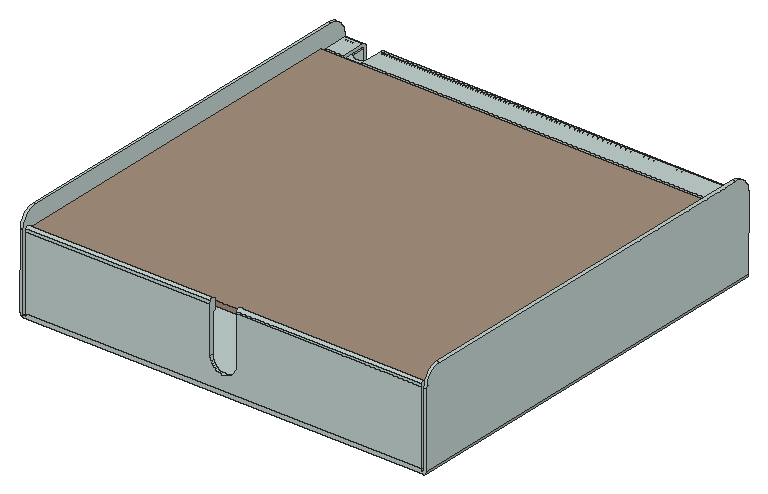
Revit family "Accessory-Teknion-EMPW_Power_Tray-R20161", category Furniture, Revit 2016
Family settings
  OmniClass Number = 23.40.20.00
  OmniClass Title = General Furniture and Specialties
  Work Plane-Based = Yes
  Always vertical = Yes
  Cut with Voids When Loaded = No
  Shared = Yes
  Room Calculation Point = No
Parameters (values of type "Emote Power Tray")
  Warranty = "http://www.teknion.com/ca/papers/legal-canada"
  Unit Weight URL = "http://www.teknion.com/ca/tools/assets#&asset=bee6a381-b954-425e-8283-5a2de3a804f2,f828d448-4b62-4231-9e5f-9a8991c0ed77"
  URL = "www.teknion.com"
  Tray Finish [instance] = Paint - Teknion - CP - Chroma Metal - Herbal
  To render, please download texture images found here [instance] = "https://assets.teknion.com/web/5e81352c1dfdb467/revit-material-swatches/"
  Sustainability Data = "https://www.teknion.com/ca/tools/assets#&topic=216f99a5-57a0-44fc-b10a-9dee9b29ae4c&asset=444deb64-fe58-4b68-981e-f75e97781df7,b4ff2d81-9f2e-437d-9659-7cffb09c31cf"
  Series = "Emote"
  Product Page URL = "https://www.teknion.com/ca/products/product-details?productLineId=df54fb6e-8e7a-673b-a6c8-ff05004460c4"
  Product Line = "Emote"
  Product Documentation Link = "https://assets.teknion.com/m/e60fdd6154307a7/original/Emote-Sell-Sheet.pdf"
  Part Number = "EMPW"
  Model = "EMPW"
  Manufacturer Phone = "416-661-3370"  # constant formula
  Manufacturer Fax = "416.661.4586"  # constant formula
  Manufacturer Contact Information = "http://www.teknion.com/ca/contactus"
  Manufacturer Address = "1150 Flint Road, Toronto, ON. M3J 2J5. Canada"  # constant formula
  Manufacturer = "Teknion"  # constant formula
  How To Use Teknion Materials User Guide [instance] = "https://assets.teknion.com/m/205dd0a49fa58060/original/How-to-add-a-Material-Library-and-Texture-Images-to-your-Revit-project.pdf"
  For Additional Finishes, please visit [instance] = "https://assets.teknion.com/m/44a8009b046e5d47/original/Teknion_Materials_Library.zip"
  Description = "Emote Power Tray"
  Default Elevation = 48.000"
  Assembly Code = "E2020200"
Reference planes (in)
  plane 1 "Center Front/Back": y = -0.4491
  plane 2: z = 0
  plane 3 "Center Left/Right": x = -0.683
  plane 4 "Left": x = -5.50015
  plane 5 "Right": x = 4.13335
  plane 6 "Back": y = 4.30748
  plane 7 "Front": y = -5.2009
  plane 8 "Top": z = 2.26525
Forms (in)
  Sweep 1, solid, material "Paint - Teknion - CP - Chroma Metal - Herbal" <- "Tray Finish"
    path origin (0, 0, 0) x (1, 0, 0) y (0, 1, 0)
      loop
        line (-5.45791, -5.2009) -> (-5.45791, 4.30748)
    profile origin (-5.45791, -0.44671, 0) x (-1, 0, 0) y (0, 0, 1)
      loop
        line (-9.52285, 2.26525) -> (-9.59126, 2.26525) -> (-9.59126, 0.12259)
        arc (-9.59126, 0.12259) -> (-9.56451, 0.058) -> (-9.49992, 0.03125) r 0.09134
        line (-9.49992, 0.03125) -> (-0.0499, 0.03125)
        arc (-0.0499, 0.03125) -> (0.01468, 0.058) -> (0.04143, 0.12259) r 0.09134
        line (0.04143, 0.12259) -> (0.04143, 2.26525) -> (-0.02698, 2.26525) -> (-0.02698, 0.09125) -> (-0.09786, 0.09125) -> (-0.09786, 0.1225) -> (-9.45982, 0.1225) -> (-9.45982, 0.09125) -> (-9.52285, 0.09125) -> (-9.52285, 2.26525)
  Sweep 2, void
    path origin (0, 0, 0) x (1, 0, 0) y (0, 1, 0)
      loop
        line (-5.4955, -0.4491) -> (4.1295, -0.4491)
    profile origin (-0.683, -0.4491, 0) x (0, 1, 0) y (0, 0, 1)
      loop
        line (4.75658, 2.26525) -> (4.37692, 2.26525)
        arc (4.37692, 2.26525) -> (4.64538, 2.15405) -> (4.75658, 1.88559) r 0.37966
        line (4.75658, 1.88559) -> (4.75658, 2.26525)
      loop
        line (-4.36548, 2.26525) -> (-4.75179, 2.26525) -> (-4.75179, 1.87894)
        arc (-4.75179, 1.87894) -> (-4.63864, 2.1521) -> (-4.36548, 2.26525) r 0.38631
  Sweep 3, solid, material "Paint - Teknion - CP - Chroma Metal - Herbal" <- "Tray Finish"
    path origin (0, 0, 0) x (1, 0, 0) y (0, 1, 0)
      loop
        line (-5.36006, -5.2009) -> (4.0019, -5.2009)
    profile origin (-0.67908, -5.2009, 0) x (0, 1, 0) y (0, 0, 1)
      loop
        line (0.06838, 1.68373) -> (0.13229, 1.68373) -> (0.13229, 1.89927)
        arc (0.13229, 1.89927) -> (0.07907, 1.96542) -> (0.00307, 1.92758) r 0.06771
        arc (0.00307, 1.92758) -> (0.00077, 1.90331) -> (0, 1.87894) r 0.38631
        line (0, 1.87894) -> (0, 0.1225) -> (0.06838, 0.1225) -> (0.06838, 1.68373)
  Sweep 4, void
    path origin (0, 0, 0) x (1, 0, 0) y (0, 1, 0)
      loop
        line (-0.683, -5.41728) -> (-0.683, -4.84236)
    profile origin (-0.683, -5.12982, 0) x (-1, 0, 0) y (0, 0, 1)
      loop
        line (0.31715, 0.77845) -> (0.31715, 1.96698) -> (-0.30785, 1.96698) -> (-0.30785, 0.77845)
        arc (-0.30785, 0.77845) -> (0.00465, 0.46595) -> (0.31715, 0.77845) r 0.3125
  Sweep 5, solid, material "Paint - Teknion - CP - Chroma Metal - Herbal" <- "Tray Finish"
    path origin (0, -0.4491, -32.63) x (1, 0, 0) y (0, 0, 1)
      loop
        line (-3.68094, 32.63) -> (-3.68094, 32.66125)
    profile origin (-3.68094, -0.4491, 0.01562) x (-1, 0, 0) y (0, -1, 0)
      loop
        arc (-0.58838, 2.6982) -> (-0.13603, 2.24463) -> (0.31713, 2.69739) r 0.45276
        line (0.31713, 2.69739) -> (0.31811, 3.79188)
        arc (0.31811, 3.79188) -> (-0.13424, 4.24463) -> (-0.5874, 3.79269) r 0.45276
        line (-0.5874, 3.79269) -> (-0.58838, 2.6982)
      loop
        arc (-6.30738, 2.6982) -> (-5.85503, 2.24463) -> (-5.40187, 2.69739) r 0.45276
        line (-5.40187, 2.69739) -> (-5.40089, 3.79188)
        arc (-5.40089, 3.79188) -> (-5.85324, 4.24463) -> (-6.3064, 3.79269) r 0.45276
        line (-6.3064, 3.79269) -> (-6.30738, 2.6982)
      loop
        arc (-6.31319, -3.79668) -> (-5.86084, -4.25025) -> (-5.40768, -3.79749) r 0.45276
        line (-5.40768, -3.79749) -> (-5.4067, -2.703)
        arc (-5.4067, -2.703) -> (-5.85905, -2.25025) -> (-6.31221, -2.70219) r 0.45276
        line (-6.31221, -2.70219) -> (-6.31319, -3.79668)
      loop
        arc (-0.59419, -3.8018) -> (-0.14184, -4.25536) -> (0.31132, -3.80261) r 0.45276
        line (0.31132, -3.80261) -> (0.3123, -2.70812)
        arc (0.3123, -2.70812) -> (-0.14005, -2.25536) -> (-0.59321, -2.70731) r 0.45276
        line (-0.59321, -2.70731) -> (-0.59419, -3.8018)
  Sweep 6, solid, material "Paint - Teknion - CP - Chroma Metal - Herbal" <- "Tray Finish"
    path origin (0, 0, 0) x (1, 0, 0) y (0, 1, 0)
      loop
        line (-5.40845, 1.17613) -> (4.04456, 1.17613)
    profile origin (-0.68195, 1.17613, 0) x (0, 1, 0) y (0, 0, 1)
      loop
        line (-0.00846, 0.22681) -> (-0.00846, 0.1685)
        arc (-0.00846, 0.1685) -> (0.01231, 0.12199) -> (0.05883, 0.10125) r 0.0712
        line (0.05883, 0.10125) -> (0.32468, 0.10125) -> (0.32468, 0.15125) -> (0.11303, 0.15125)
        arc (0.11303, 0.15125) -> (0.05865, 0.17286) -> (0.036, 0.22681) r 0.07557
        line (0.036, 0.22681) -> (0.036, 1.61525) -> (2.43775, 1.61525)
        arc (2.43775, 1.61525) -> (2.4853, 1.63495) -> (2.505, 1.6825) r 0.06725
        line (2.505, 1.6825) -> (2.505, 1.734)
        arc (2.505, 1.734) -> (2.5113, 1.75334) -> (2.52779, 1.76525) r 0.03282
        line (2.52779, 1.76525) -> (3.03394, 1.76525) -> (3.03394, 1.80125) -> (2.52779, 1.80125)
        arc (2.52779, 1.80125) -> (2.48024, 1.78155) -> (2.46054, 1.734) r 0.06725
        line (2.46054, 1.734) -> (2.46054, 1.65125) -> (0.05308, 1.65125)
        arc (0.05308, 1.65125) -> (0.01216, 1.6323) -> (-0.00846, 1.59219) r 0.06934
        line (-0.00846, 1.59219) -> (-0.00846, 0.22681)
  Sweep 7, solid, material "Paint - Teknion - CP - Chroma Metal - Herbal" <- "Tray Finish"
    path origin (0, 0, 0) x (1, 0, 0) y (0, 1, 0)
      loop
        line (3.9923, 2.64034) -> (-5.35357, 2.64034)
    profile origin (-0.68064, 2.64034, 0) x (0, -1, 0) y (0, 0, 1)
      loop
        line (-1.57588, 1.80525) -> (-1.02388, 1.80525) -> (-1.02388, 1.86525) -> (-1.57588, 1.86525)
        arc (-1.57588, 1.86525) -> (-1.64041, 1.83852) -> (-1.66713, 1.774) r 0.09125
        line (-1.66713, 1.774) -> (-1.66713, 0.09125) -> (-1.60713, 0.09125) -> (-1.60713, 1.774)
        arc (-1.60713, 1.774) -> (-1.59798, 1.7961) -> (-1.57588, 1.80525) r 0.03125
  Sweep 8, void
    path origin (-4.02551, -1.10981, 0) x (1, 0, 0) y (0, -1, 0)
      loop
        line (-0.683, -5.63873) -> (-0.683, -4.55666)
    profile origin (-4.70851, 3.98789, 0) x (1, 0, 0) y (0, 0, 1)
      loop
        line (0.21438, 1.86525) -> (-0.22062, 1.86525) -> (-0.22062, 0.63275)
        arc (-0.22062, 0.63275) -> (-0.00312, 0.41525) -> (0.21438, 0.63275) r 0.2175
        line (0.21438, 0.63275) -> (0.21438, 1.86525)
  Sweep 9, void
    path origin (0, -0.4491, -32.63) x (1, 0, 0) y (0, 0, 1)
      loop
        line (-4.92913, 34.49525) -> (-4.92913, 33.26275)
    profile origin (-4.92913, -0.4491, 1.249) x (0, -1, 0) y (1, 0, 0)
      loop
        arc (-4.39423, 0) -> (-4.23575, 0.2175) -> (-4.39423, 0.435) r 0.22849
        line (-4.39423, 0.435) -> (-4.75658, 0.435) -> (-4.75658, 0) -> (-4.39423, 0)
  Sweep 10, solid, material "Plastic - Teknion - E - Ebony"
    path origin (0, 0, 0) x (1, 0, 0) y (0, 1, 0)
      loop
        line (-2.2043, 1.02028) -> (-2.2043, 1.20926)
    profile origin (-2.2043, 1.11477, 0) x (-1, 0, 0) y (0, 0, 1)
      loop
        line (0.12358, 1.45637) -> (-0.8476, 1.45637)
        arc (-0.8476, 1.45637) -> (-0.87559, 1.44465) -> (-0.88716, 1.4166) r 0.03977
        line (-0.88716, 1.4166) -> (-0.88716, 0.44542)
        arc (-0.88716, 0.44542) -> (-0.87547, 0.41758) -> (-0.84763, 0.40605) r 0.03937
        line (-0.84763, 0.40605) -> (0.12365, 0.40605)
        arc (0.12365, 0.40605) -> (0.15032, 0.41646) -> (0.16289, 0.44218) r 0.03938
        line (0.16289, 0.44218) -> (0.16289, 1.41706)
        arc (0.16289, 1.41706) -> (0.15138, 1.44486) -> (0.12358, 1.45637) r 0.03931
      loop
        line (-0.4118, 1.20684) -> (-0.76062, 1.20684) -> (-0.76062, 1.13479) -> (-0.4118, 1.13479) -> (-0.4118, 1.20684)
      loop
        line (-0.45117, 0.72771) -> (-0.72125, 0.72771) -> (-0.72125, 0.65566) -> (-0.45117, 0.65566) -> (-0.45117, 0.72771)
      loop
        line (-0.11535, 0.82771) -> (-0.0118, 0.82771) -> (-0.0118, 1.03479) -> (-0.11535, 1.03479)
        arc (-0.11535, 1.03479) -> (-0.21889, 0.93125) -> (-0.11535, 0.82771) r 0.10354
      loop
        line (-1.37676, 1.45645) -> (-2.34795, 1.45645)
        arc (-2.34795, 1.45645) -> (-2.37594, 1.44473) -> (-2.38751, 1.41668) r 0.03977
        line (-2.38751, 1.41668) -> (-2.38751, 0.44549)
        arc (-2.38751, 0.44549) -> (-2.37582, 0.41765) -> (-2.34798, 0.40612) r 0.03937
        line (-2.34798, 0.40612) -> (-1.3767, 0.40612)
        arc (-1.3767, 0.40612) -> (-1.35003, 0.41653) -> (-1.33745, 0.44225) r 0.03938
        line (-1.33745, 0.44225) -> (-1.33745, 1.41714)
        arc (-1.33745, 1.41714) -> (-1.34897, 1.44493) -> (-1.37676, 1.45645) r 0.03931
      loop
        line (-1.91215, 1.20691) -> (-2.26097, 1.20691) -> (-2.26097, 1.13487) -> (-1.91215, 1.13487) -> (-1.91215, 1.20691)
      loop
        line (-1.95152, 0.72778) -> (-2.2216, 0.72778) -> (-2.2216, 0.65573) -> (-1.95152, 0.65573) -> (-1.95152, 0.72778)
      loop
        line (-1.61569, 0.82778) -> (-1.51215, 0.82778) -> (-1.51215, 1.03487) -> (-1.61569, 1.03487)
        arc (-1.61569, 1.03487) -> (-1.71924, 0.93132) -> (-1.61569, 0.82778) r 0.10354
      loop
        line (-2.82925, 1.46471) -> (-3.89659, 1.46471) -> (-3.89659, 0.39779) -> (-2.82925, 0.39779) -> (-2.82925, 1.46471)
      loop
        line (-3.10389, 0.66255) -> (-3.10389, 0.88499) -> (-3.62161, 0.88499) -> (-3.62161, 0.66255) -> (-3.10389, 0.66255)
      loop
        arc (-3.22693, 1.04739) -> (-3.19352, 1.06123) -> (-3.17968, 1.09464) r 0.04724
        line (-3.17968, 1.09464) -> (-3.17968, 1.13794)
        arc (-3.17968, 1.13794) -> (-3.19352, 1.17135) -> (-3.22693, 1.18519) r 0.04724
        line (-3.22693, 1.18519) -> (-3.49858, 1.18519)
        arc (-3.49858, 1.18519) -> (-3.53199, 1.17135) -> (-3.54582, 1.13794) r 0.04724
        line (-3.54582, 1.13794) -> (-3.54582, 1.09459)
        arc (-3.54582, 1.09459) -> (-3.532, 1.06122) -> (-3.49862, 1.04739) r 0.0472
        line (-3.49862, 1.04739) -> (-3.22693, 1.04739)
  Sweep 11, solid, material "Wood - Teknion - Cork"
    path origin (0, -0.4491, -32.63) x (1, 0, 0) y (0, 0, 1)
      loop
        line (-5.38571, 34.50436) -> (-5.38571, 34.38625)
    profile origin (-5.38571, -0.4491, 1.81531) x (0, -1, 0) y (1, 0, 0)
      loop
        line (4.58818, -0.0161) -> (4.58818, 9.42791) -> (-4.0318, 9.42791) -> (-4.0318, -0.0161) -> (4.58818, -0.0161)
Cuts and joins
  Sweep 2 cuts Sweep 1
  Sweep 4 cuts Sweep 3
  Sweep 8 cuts Sweep 7
  Sweep 9 cuts Sweep 6
Lines and regions (in)
  Masking region 1
    outline origin (0, 0, 0) x (1, 0, 0) y (0, 1, 0)
      loop
        line (-5.50015, 4.30269) -> (-5.50015, -5.2009) -> (4.13335, -5.2009) -> (4.13335, 4.30269) -> (-5.50015, 4.30269)
  Masking region 2
    outline origin (0, 0, 0) x (1, 0, 0) y (0, 1, 0)
      loop
        line (-5.50015, 4.30748) -> (-5.50015, -5.2009) -> (4.13335, -5.2009) -> (4.13335, 4.30748) -> (-5.50015, 4.30748)
  symbolic lines
    curve 1: line (-5.43094, -5.2009, 0) -> (-5.43094, 4.30748, 0)
    curve 2: line (-5.40845, 1.16767, 0) -> (-5.40845, 4.21007, 0)
    curve 3: line (-5.35357, 4.30748, 0) -> (-5.35357, 3.66423, 0)
    curve 4: line (-5.35357, 3.66423, 0) -> (-4.92913, 3.66423, 0)
    curve 5: line (-4.92913, 4.30748, 0) -> (-4.92913, 3.66423, 0)
    curve 6: line (-4.49413, 3.66423, 0) -> (-4.49413, 4.30748, 0)
    curve 7: arc (-4.92913, 3.94513, 0) -> (-4.71163, 3.78665, 0) -> (-4.49413, 3.94513, 0) r 0.22849
    curve 8: line (-4.49413, 3.66423, 0) -> (3.9923, 3.66423, 0)
    curve 9: line (-5.36006, 4.30748, 0) -> (-5.36006, 4.21007, 0)
    curve 10: line (3.9923, 4.30748, 0) -> (3.9923, 3.66423, 0)
    curve 11: line (4.04456, 1.16767, 0) -> (4.04456, 4.21007, 0)
    curve 12: line (4.04456, 4.21007, 0) -> (3.9923, 4.21007, 0)
    curve 13: line (4.0019, 4.21007, 0) -> (4.0019, 4.30748, 0)
    curve 14: line (4.06494, 4.30748, 0) -> (4.06494, -5.2009, 0)
    curve 15: line (4.0019, -5.2009, 0) -> (4.0019, -5.0686, 0)
    curve 16: line (-0.37515, -5.2009, 0) -> (-0.37515, -5.0686, 0)
    curve 17: line (-1.00015, -5.0686, 0) -> (-1.00015, -5.2009, 0)
    curve 18: line (-5.36006, -5.03729, 0) -> (-5.36006, -5.2009, 0)
    curve 19: line (-5.36006, -5.0686, 0) -> (-1.00015, -5.0686, 0)
    curve 20: line (-0.37515, -5.0686, 0) -> (4.0019, -5.0686, 0)
    curve 21: line (-5.4018, 3.5827, 0) -> (4.0422, 3.5827, 0)
    curve 22: line (-5.4018, -5.03729, 0) -> (-5.4018, 3.5827, 0)
    curve 23: line (4.0422, -5.03729, 0) -> (-5.4018, -5.03729, 0)
    curve 24: line (4.0422, 3.5827, 0) -> (4.0422, -5.03729, 0)
    curve 25: line (-1.00015, -5.13475, 0) -> (-0.37515, -5.13475, 0)
    curve 26: line (-4.92913, 4.24748, 0) -> (-4.49413, 4.24748, 0)
    curve 27: line (4.04456, 3.63667, 0) -> (-5.40845, 3.63667, 0)
  symbolic lines, style "FurnitureHiddenLines", detail levels medium+fine
    curve 28: line (-3.09354, -4.24179, 0) -> (-3.09256, -3.1473, 0)
    curve 29: arc (-3.09256, -3.1473, 0) -> (-3.54491, -2.69374, 0) -> (-3.99807, -3.14649, 0) r 0.45276
    curve 30: line (-3.99807, -3.14649, 0) -> (-3.99905, -4.24098, 0)
    curve 31: arc (-3.99905, -4.24098, 0) -> (-3.5467, -4.69374, 0) -> (-3.09354, -4.24179, 0) r 0.45276
    curve 32: line (2.62546, -4.24179, 0) -> (2.62644, -3.1473, 0)
    curve 33: arc (2.62644, -3.1473, 0) -> (2.17409, -2.69374, 0) -> (1.72093, -3.14649, 0) r 0.45276
    curve 34: line (1.72093, -3.14649, 0) -> (1.71995, -4.24098, 0)
    curve 35: arc (1.71995, -4.24098, 0) -> (2.1723, -4.69374, 0) -> (2.62546, -4.24179, 0) r 0.45276
    curve 36: line (2.63127, 2.25309, 0) -> (2.63225, 3.34758, 0)
    curve 37: arc (2.63225, 3.34758, 0) -> (2.1799, 3.80114, 0) -> (1.72674, 3.34839, 0) r 0.45276
    curve 38: line (1.72674, 3.34839, 0) -> (1.72576, 2.2539, 0)
    curve 39: arc (1.72576, 2.2539, 0) -> (2.17811, 1.80114, 0) -> (2.63127, 2.25309, 0) r 0.45276
    curve 40: line (-3.08772, 2.25821, 0) -> (-3.08674, 3.35269, 0)
    curve 41: arc (-3.08674, 3.35269, 0) -> (-3.53909, 3.80626, 0) -> (-3.99226, 3.3535, 0) r 0.45276
    curve 42: line (-3.99226, 3.3535, 0) -> (-3.99323, 2.25902, 0)
    curve 43: arc (-3.99323, 2.25902, 0) -> (-3.54088, 1.80626, 0) -> (-3.08772, 2.25821, 0) r 0.45276
    curve 44: line (-5.40845, 1.16767, 0) -> (4.04456, 1.16767, 0)
    curve 45: line (4.0422, 3.5827, 0) -> (-5.4018, 3.5827, 0)
  symbolic lines, style "FurnitureHiddenLines", detail levels fine
    curve 46: line (-2.36719, 1.02028, 0) -> (-1.31714, 1.02028, 0)
    curve 47: line (-2.36719, 1.20926, 0) -> (-2.36719, 1.02028, 0)
    curve 48: line (-1.31714, 1.20926, 0) -> (-2.36719, 1.20926, 0)
    curve 49: line (-1.31714, 1.02028, 0) -> (-1.31714, 1.20926, 0)
    curve 50: line (-0.86685, 1.02028, 0) -> (0.18321, 1.02028, 0)
    curve 51: line (-0.86685, 1.20926, 0) -> (-0.86685, 1.02028, 0)
    curve 52: line (0.18321, 1.20926, 0) -> (-0.86685, 1.20926, 0)
    curve 53: line (0.18321, 1.02028, 0) -> (0.18321, 1.20926, 0)
    curve 54: line (0.62495, 1.02028, 0) -> (1.69229, 1.02028, 0)
    curve 55: line (0.62495, 1.20926, 0) -> (0.62495, 1.02028, 0)
    curve 56: line (1.69229, 1.20926, 0) -> (0.62495, 1.20926, 0)
    curve 57: line (1.69229, 1.02028, 0) -> (1.69229, 1.20926, 0)
    curve 58: line (4.04456, 1.28916, 0) -> (-5.40845, 1.28916, 0)
    curve 59: line (4.04456, 1.21213, 0) -> (-5.40845, 1.21213, 0)
    curve 60: line (4.13335, -0.4491, 2.26525) -> (6.50607, -0.4491, 2.26525)
Dimensions and locks (in)
  plane 4 "Left" to plane 5 "Right" = 9.6335"
  plane 6 "Back" to plane 7 "Front" = 9.50837"
  plane 8 "Top" to level = 2.26525"
  plane 7 "Front" to plane 1 "Center Front/Back" to plane 6 "Back" = 4.75179", 4.75658"
  plane 4 "Left" to plane 3 "Center Left/Right" to plane 5 "Right" = 4.81715", 4.81635"
  aligned and locked: level to plane 2
